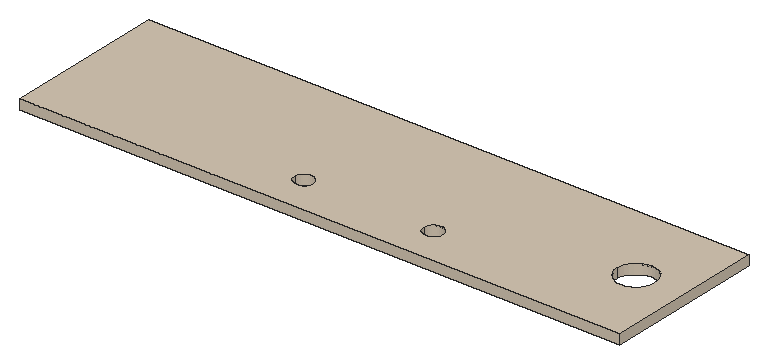
Revit family "rinnai_linear_fire_platform_0800", category Specialty Equipment, Revit 2019
Family settings
  Round Connector Dimension = Use Diameter
  Part Type = Normal
  Work Plane-Based = No
  Always vertical = Yes
  Cut with Voids When Loaded = No
  Shared = No
  Room Calculation Point = No
Parameters (values of type "Fire Platform for Linear 800 Series")
  m_platform = Rinnai Ply
  Type Comments = "Plywood platform to support fire."
  Thickness = 20 mm
  Opening Width = Fire Width + 100 mm  # 1250 mm
  Fire Width = 1150 mm
  Fire Box Centre = 500 mm
  Depth = 335 mm
  B = 400 mm
  A = 50 mm
Reference planes
  plane 1 "Center (Front/Back)": y = 0
  plane 2: z = 0
  plane 3 "Center (Left/Right)": x = -161.867
  plane 4: y = 167.5
  plane 5 "Fire Centreline": x = -36.867
  plane 6: y = -167.5
  plane 7: x = 463.133
  plane 8: x = -786.867
  plane 9: z = -20
  plane 10: y = -90.5
  plane 11: x = 13.133
  plane 12: x = -256.867
  plane 13: x = 363.133
Forms (mm)
  Extrusion 1, solid, material "Rinnai Ply" <- "m_platform"
    sketch origin (0, 0, 0) x (1, 0, 0) y (0, 1, 0)
      loop
        line (-786.867, -167.5) -> (463.133, -167.5) -> (463.133, 167.5) -> (-786.867, 167.5) -> (-786.867, -167.5)
      loop
        circle (13.133, -90.5) r 20
      loop
        circle (363.133, 0) r 40
      loop
        circle (-256.867, -90.5) r 20
    from -20 to 0
Dimensions and locks
  equal spacing: plane 4, plane 1 "Center (Front/Back)", plane 6
  "Depth": plane 4 to plane 6
  "Opening Width": plane 8 to plane 7
  "Fire Box Centre": plane 5 "Fire Centreline" to plane 7
  equal spacing: plane 8, plane 3 "Center (Left/Right)", plane 7
  plane 10 to plane 6 = 77 mm
  "A": plane 5 "Fire Centreline" to plane 11
  "B": plane 5 "Fire Centreline" to plane 13
  locked: plane 12 to plane 5 "Fire Centreline" at 220
  plane 3 "Center (Left/Right)" to plane 5 "Fire Centreline" = 125 mm
  "Thickness": plane 2 to plane 9
  aligned and locked: level to plane 2
  aligned and locked: Extrusion 1 sketch curve to plane 6
  aligned and locked: Extrusion 1 sketch curve to plane 8
  aligned and locked: plane 4 to Extrusion 1 sketch curve
  aligned and locked: plane 7 to Extrusion 1 sketch curve
  aligned and locked: Extrusion 1 to plane 9
  aligned and locked: plane 2 to Extrusion 1
Automatic sketch dimensions
  Extrusion 1 sketch curve to plane 10 = 0 mm  (x2)
  Extrusion 1 sketch curve to plane 12 = 0 mm
  Extrusion 1 sketch curve to plane 11 = 0 mm
  plane 1 "Center (Front/Back)" to Extrusion 1 sketch curve = 0 mm
  Extrusion 1 sketch curve to plane 13 = 0 mm
  radius of Extrusion 1 sketch curve = 20 mm  (x2)
  radius of Extrusion 1 sketch curve = 40 mm
